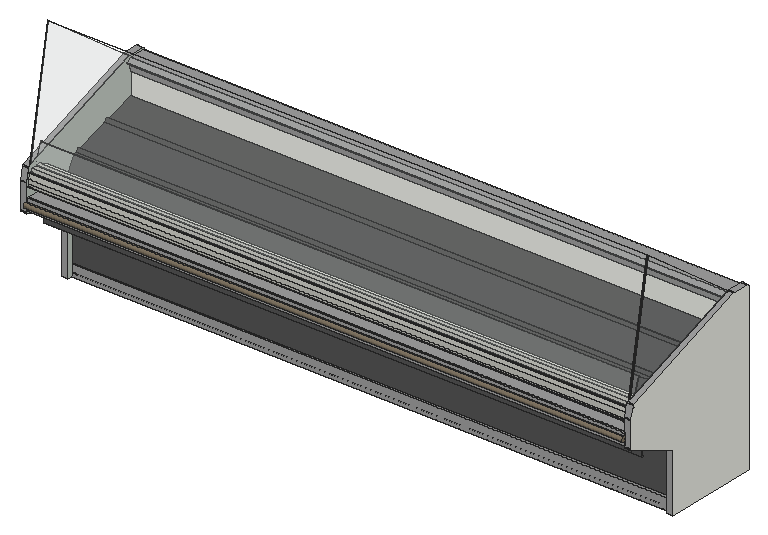
Revit family "DSFN-AG_2014", category Specialty Equipment, Revit 2014
Parameters (values of type "12'-0" Length")
  Width = 144"
  Waste Drain = 1 1/2"  # constant formula
  URL = "www.hussmann.com"
  Type Comments = "Chino"  # constant formula
  Trim = Stainless Steel
  Total Weight = Case Weight + (2 * End Weight)  # 0.00 lbf
  Splashguard = Stainless Steel
  Side Panel - Right [instance] = yes
  Side Panel - Left [instance] = yes
  Shelves = Sheet Metal (Steel Painted) - 701 Black
  Revit Family Date = "09/20/2016"  # constant formula
  Refrigeration Lines Suction = 5/8"  # constant formula
  Refrigeration Lines Liquid = 3/8"  # constant formula
  Refrig. Suction = "Suction"
  Refrig. Liquid = "Liquid"
  Number of Supports = if(Width < 50", 2, if(Width < 100", 3, 4))  # 4
  Note from Manufacturer = "This model only comes in 2'-0\", 3'-0\", 4'-0\", 5'-0\", 6'-0\", 8'-0\", 10'-0\", and 12'-0\" lengths."
  Model URL = "http://www.hussmann.com/en/product%20viewer/display-cases/DSFN"
  Model = "DSFN with Angled Glass"  # constant formula
  Manufacturer Disclaimer = "The information in this file is not intended to be an exact representation of the corresponding Hussmann product.  Further, we reserve the right to change or revise specifications and product design in connection with any feature of our products. Such changes do not entitle the buyer to corresponding changes, improvements, additions, or replacements for equipment previously sold or shipped."  # constant formula
  Manufacturer = "Hussmann Corporation"  # constant formula
  Light [instance] = yes
  Height = 58 3/8"  # constant formula
  Glazing = Glass
  Ends = Textured Sheet Metal (Steel Painted) - 149 White Satin Matte
  End Weight = 0.00 lbf  # constant formula
  Drain from Side = 5"  # constant formula
  Drain from Centerline = if(or(Width > 61", Width = 48"), 6", if(Width = 60", 12", 1/64"))  # 6"
  Door Frame = Plastic - 144 Mist Gray
  Description = "Narrow Footprint Service Merchandiser for Fresh Seafood Applications"  # constant formula
  Depth = 34 7/8"  # constant formula
  Cutsheet URL = "http://www.hussmann.com/en/Technical%20Documents/DSFN_ds_En.pdf"
  Close Off Panel = Textured Sheet Metal (Steel Painted) - 701 Black
  Case Weight = if(Width = 24", 0.00 lbf, if(Width = 36", 0.00 lbf, if(Width = 48", 0.00 lbf, if(Width = 60", 0.00 lbf, if(Width = 72", 0.00 lbf, if(Width = 96", 0.00 lbf, if(Width = 120", 0.00 lbf, if(Width = 144", 0.00 lbf, 0.00 lbf))))))))  # 0.00 lbf
  Case Interior - Side Panel = Mirror
  Case Interior - Back Panel = Mirror
  Case = Textured Sheet Metal (Steel Painted) - 149 White Satin Matte
  Bumper = Extruded PVC - 747 Chocolate Brown
  Assembly Code = ""
  Accessories/Options = ""
Types (8): name | Width | Number of Supports | Drain from Centerline
  12'-0" Length | 144" | 4 | 6"
  10'-0" Length | 120" | 4 | 6"
  8'-0" Length | 96" | 3 | 6"
  6'-0" Length | 72" | 3 | 6"
  5'-0" Length | 60" | 3 | 12"
  4'-0" Length | 48" | 2 | 6"
  3'-0" Length | 36" | 2 | 1/64"
  2'-0" Length | 24" | 2 | 1/64"
Reference planes (in)
  plane 1 "Back": y = 0
  plane 2 "Bottom": z = 0
  plane 3 "Left": x = -77.30699
  plane 4 "Front": y = -34.875
  plane 5 "Center (Left/Right)": x = -5.30699
  plane 6: x = -78.80699
  plane 7 "Right": x = 66.69301
  plane 8: x = 68.19301
Forms (in)
  Extrusion 1, solid, material "Metal - Copper"
    sketch origin (57.40105, 5, -0.375) x (1, 0, 0) y (0, 1, 0)
      loop
        circle (5.22946, -14.125) r 0.28859
      loop
        circle (5.22946, -14.125) r 0.3125
    from 17.96165 to 0.375
  Extrusion 2, solid, material "Metal - Copper"
    sketch origin (59.82608, 5, -0.375) x (1, 0, 0) y (0, 1, 0)
      loop
        circle (3.30443, -14.125) r 0.17188
      loop
        circle (3.30443, -14.125) r 0.1875
    from 17.96165 to 0.375
  Extrusion 3, solid, material "Metal - Copper"
    sketch origin (-56.6875, 1.04319, 0) x (1, 0, 0) y (0, 1, 0)
      loop
        arc (-15.61949, -5.54319) -> (-16.14982, -5.76286) -> (-16.36949, -6.29319) r 0.75
        arc (-16.36949, -6.29319) -> (-16.14982, -6.82352) -> (-15.61949, -7.04319) r 0.75
        arc (-15.61949, -7.04319) -> (-15.08916, -6.82352) -> (-14.86949, -6.29319) r 0.75
        arc (-14.86949, -6.29319) -> (-15.08916, -5.76286) -> (-15.61949, -5.54319) r 0.75
      loop
        circle (-15.61949, -6.29319) r 0.7102
    from 17.58665 to 0
  Extrusion 4, solid, material "Metal - Copper"
    sketch origin (9.1875, 1.04319, 0) x (1, 0, 0) y (0, 1, 0)
      loop
        arc (-8.49449, -5.54319) -> (-9.02482, -5.76286) -> (-9.24449, -6.29319) r 0.75
        arc (-9.24449, -6.29319) -> (-9.02482, -6.82352) -> (-8.49449, -7.04319) r 0.75
        arc (-8.49449, -7.04319) -> (-7.96416, -6.82352) -> (-7.74449, -6.29319) r 0.75
        arc (-7.74449, -6.29319) -> (-7.96416, -5.76286) -> (-8.49449, -5.54319) r 0.75
      loop
        circle (-8.49449, -6.29319) r 0.7102
    from 17.58665 to 0
  Extrusion 5, solid, material "Textured Sheet Metal (Steel Painted) - 149 White Satin Matte" <- "Case"
    sketch origin (-77.30699, 0, 0) x (0, 1, 0) y (0, 0, 1)
      loop
        line (-21.21942, 14.75877) -> (-21.21942, 0.83962) -> (-2.10346, 0.83962) -> (-2.10346, 14.62462) -> (0, 14.62462) -> (0, 39.71447) -> (-3.90855, 39.71447) -> (-3.90855, 37.71447) -> (-3.74953, 37.12102) -> (-3.6691, 37.12102) -> (-3.6691, 27.41256) -> (-7.64232, 26.27325) -> (-15.78577, 19.85719) -> (-15.78577, 17.5583) -> (-21.48302, 17.74647) -> (-29.41726, 21.11436) -> (-29.41726, 27.46876) -> (-29.4277, 27.34944) -> (-29.4277, 28.15965) -> (-31.23608, 28.51182) -> (-31.23608, 23.01712) -> (-34.556, 23.01712) -> (-34.806, 22.76712) -> (-34.806, 20.39212) -> (-34.49075, 20.39212) -> (-21.21942, 14.75877)
    from 0 to 144 <- "Width"
  Extrusion 6, solid, material "Stainless Steel" <- "Trim"
    sketch origin (-77.30699, 0, 0) x (0, 1, 0) y (0, 0, 1)
      loop
        line (-32.43066, 19.29991) -> (-32.36201, 19.48852) -> (-34.49075, 20.39212) -> (-34.806, 20.39212) -> (-34.806, 22.76712) -> (-34.556, 23.01712) -> (-31.23608, 23.01712) -> (-31.23608, 24.23914) -> (-31.3002, 24.23914) -> (-31.3002, 23.06512) -> (-34.702, 23.06512)
        arc (-34.702, 23.06512) -> (-34.82433, 23.01445) -> (-34.875, 22.89212) r 0.173
        line (-34.875, 22.89212) -> (-34.875, 20.18958) -> (-32.43066, 19.29991)
    from 0 to 144 <- "Width"
  Extrusion 7, solid, material "Extruded PVC - 747 Chocolate Brown" <- "Bumper"
    sketch origin (-77.30699, 0, 0) x (0, 1, 0) y (0, 0, 1)
      loop
        arc (-35.3233, 22.20131) -> (-35.82553, 21.63881) -> (-35.3233, 21.07631) r 0.56612
        line (-35.3233, 21.07631) -> (-34.875, 21.07631) -> (-34.875, 21.44631) -> (-35.26053, 21.44631) -> (-35.26053, 21.56751)
        arc (-35.26053, 21.56751) -> (-35.22735, 21.63881) -> (-35.26053, 21.7101) r 0.09318
        line (-35.26053, 21.7101) -> (-35.26053, 21.83131) -> (-34.875, 21.83131) -> (-34.875, 22.20131) -> (-35.3233, 22.20131)
    from 0 to 144 <- "Width"
  Extrusion 8, solid, material "Stainless Steel" <- "Trim"
    sketch origin (-77.30699, 0, 0) x (0, 1, 0) y (0, 0, 1)
      loop
        line (-21.36929, 2.78974) -> (-21.36961, 0) -> (-20.83461, 0) -> (-20.83461, 0.035) -> (-21.33461, 0.035) -> (-21.33461, 2.785) -> (-21.29227, 3.09462) -> (-21.32696, 3.09929) -> (-21.36929, 2.78974)
      loop
        line (-1.91944, 0.48261) -> (-1.91944, 2.85914) -> (-1.94136, 3.10971) -> (-1.97623, 3.10666) -> (-1.95444, 2.85761) -> (-1.95444, 0.46987) -> (-1.61667, 0.06733) -> (-1.23482, 0) -> (-1.22874, 0.03447) -> (-1.59804, 0.09959) -> (-1.91944, 0.48261)
    from 0 to 144 <- "Width"
  Extrusion 9, solid, material "Textured Sheet Metal (Steel Painted) - 701 Black" <- "Close Off Panel"
    sketch origin (-77.30699, 0, 0) x (0, 1, 0) y (0, 0, 1)
      loop
        line (-21.29227, 0.75286) -> (-21.21942, 0.75286) -> (-21.21942, 14.75877) -> (-21.29227, 14.7897) -> (-21.29227, 0.75286)
      loop
        line (-1.97846, 0.83962) -> (-1.97846, 14.58962) -> (-2.10346, 14.58962) -> (-2.10346, 0.83962) -> (-1.97846, 0.83962)
    from 0 to 144 <- "Width"
  Extrusion 10, solid, material "Glass" <- "Glazing"
    sketch origin (-77.30699, 0, 0) x (0, 1, 0) y (0, 0, 1)
      loop
        line (-28.20201, 58.30213) -> (-28.44782, 58.34769) -> (-34.27991, 26.88362) -> (-34.25468, 26.84691) -> (-34.07081, 26.81283) -> (-34.0341, 26.83806) -> (-28.20201, 58.30213)
      loop
        line (-32.30756, 28.12011) -> (-30.53872, 33.25717) -> (-30.56313, 33.30722) -> (-30.71203, 33.35849) -> (-30.76207, 33.33408) -> (-32.53091, 28.19701) -> (-32.5065, 28.14697) -> (-32.3576, 28.0957) -> (-32.30756, 28.12011)
    from 0 to 144 <- "Width"
  Extrusion 11, solid, material "Plastic - 144 Mist Gray" <- "Door Frame"
    sketch origin (-77.30699, -1, 0) x (0, 1, 0) y (0, 0, 1)
      loop
        arc (-30.23608, 28.87709) -> (-30.65982, 28.95475) -> (-31.07277, 28.83204) r 0.92486
        line (-31.07277, 28.83204) -> (-31.29549, 28.18522) -> (-31.34553, 28.16082) -> (-31.49443, 28.21209) -> (-31.51884, 28.26213) -> (-31.31649, 28.84979) -> (-32.66121, 28.84979) -> (-33.02776, 26.87225) -> (-33.27372, 26.91706) -> (-33.02169, 28.27671) -> (-33.1212, 28.14936) -> (-33.21269, 28.08871)
        arc (-33.21269, 28.08871) -> (-33.21528, 28.07024) -> (-33.19663, 28.06992) r 0.01245
        line (-33.19663, 28.06992) -> (-33.15341, 28.0623) -> (-33.18337, 28.0514) -> (-33.55249, 27.01633) -> (-33.67702, 25.93044) -> (-33.67702, 25.30649)
        arc (-33.67702, 25.30649) -> (-33.66549, 25.27865) -> (-33.63765, 25.26712) r 0.03937
        line (-33.63765, 25.26712) -> (-33.5786, 25.26712)
        arc (-33.5786, 25.26712) -> (-33.55076, 25.27865) -> (-33.53923, 25.30649) r 0.03937
        line (-33.53923, 25.30649) -> (-33.53923, 25.40491) -> (-33.59828, 25.46397) -> (-33.59828, 25.95609) -> (-33.53923, 26.05384) -> (-32.95261, 26.05384) -> (-32.95261, 24.70609)
        arc (-32.95261, 24.70609) -> (-32.9034, 24.65688) -> (-32.85419, 24.70609) r 0.04921
        line (-32.85419, 24.70609) -> (-32.85419, 25.1883) -> (-32.09443, 25.1883) -> (-32.09443, 25.05058) -> (-31.16128, 25.05058) -> (-31.16128, 24.57814) -> (-30.94474, 24.57814) -> (-30.94474, 24.4994) -> (-30.37387, 24.4994) -> (-30.37387, 24.3616) -> (-30.23608, 24.3616) -> (-30.23608, 28.87709)
    from 0 to 144 <- "Width"
  Extrusion 12, solid, material "Sheet Metal (Steel Painted) - 701 Black" <- "Shelves"
    sketch origin (-77.30699, 0, 0) x (0, 1, 0) y (0, 0, 1)
      loop
        line (-29.41726, 23.84277) -> (-26.05839, 23.84277) -> (-23.06898, 22.11683) -> (-3.6691, 27.96641) -> (-3.6691, 31.45015) -> (-10.38034, 29.52573) -> (-11.24118, 30.0029) -> (-11.67036, 29.22864) -> (-18.96124, 26.85127) -> (-19.75714, 27.29245) -> (-20.19832, 26.49654) -> (-20.85604, 26.30794) -> (-23.0035, 22.58844) -> (-26.0421, 24.34277) -> (-29.41726, 24.34277) -> (-29.41726, 23.84277)
    from 0 to 144 <- "Width"
  Extrusion 13, solid, material "Stainless Steel" <- "Trim"
    sketch origin (-77.30699, 0, 0) x (0, 1, 0) y (0, 0, 1)
      loop
        arc (-20.27344, 0.0785) -> (-20.25045, 0.02299) -> (-20.19494, 0) r 0.0785
        line (-20.19494, 0) -> (-18.50744, 0)
        arc (-18.50744, 0) -> (-18.45193, 0.02299) -> (-18.42894, 0.0785) r 0.0785
        line (-18.42894, 0.0785) -> (-18.42894, 0.766) -> (-17.67894, 0.766) -> (-17.67894, 0.83962) -> (-18.45619, 0.83962)
        arc (-18.45619, 0.83962) -> (-18.49336, 0.81085) -> (-18.50744, 0.766) r 0.0785
        line (-18.50744, 0.766) -> (-18.50744, 0.0785) -> (-20.19494, 0.0785) -> (-20.19494, 0.766)
        arc (-20.19494, 0.766) -> (-20.20901, 0.81085) -> (-20.24619, 0.83962) r 0.0785
        line (-20.24619, 0.83962) -> (-21.08594, 0.83962) -> (-21.08594, 1.657) -> (-21.16444, 1.657) -> (-21.16444, 0.8445)
        arc (-21.16444, 0.8445) -> (-21.14145, 0.78899) -> (-21.08594, 0.766) r 0.0785
        line (-21.08594, 0.766) -> (-20.27344, 0.766) -> (-20.27344, 0.0785)
      loop
        arc (-4.71994, 0.766) -> (-4.69873, 0.75721) -> (-4.68994, 0.736) r 0.03
        line (-4.68994, 0.736) -> (-4.68994, 0.0785)
        arc (-4.68994, 0.0785) -> (-4.66695, 0.02299) -> (-4.61144, 0) r 0.0785
        line (-4.61144, 0) -> (-2.92394, 0)
        arc (-2.92394, 0) -> (-2.86843, 0.02299) -> (-2.84544, 0.0785) r 0.0785
        line (-2.84544, 0.0785) -> (-2.84544, 0.736)
        arc (-2.84544, 0.736) -> (-2.83665, 0.75721) -> (-2.81544, 0.766) r 0.03
        line (-2.81544, 0.766) -> (-2.03294, 0.766) -> (-2.03294, 0.8445) -> (-2.84544, 0.8445)
        arc (-2.84544, 0.8445) -> (-2.90095, 0.82151) -> (-2.92394, 0.766) r 0.0785
        line (-2.92394, 0.766) -> (-2.92394, 0.1085)
        arc (-2.92394, 0.1085) -> (-2.93273, 0.08729) -> (-2.95394, 0.0785) r 0.03
        line (-2.95394, 0.0785) -> (-4.58144, 0.0785)
        arc (-4.58144, 0.0785) -> (-4.60265, 0.08729) -> (-4.61144, 0.1085) r 0.03
        line (-4.61144, 0.1085) -> (-4.61144, 0.736)
        arc (-4.61144, 0.736) -> (-4.64322, 0.81272) -> (-4.71994, 0.8445) r 0.1085
        line (-4.71994, 0.8445) -> (-5.42274, 0.8445) -> (-5.42274, 0.766) -> (-4.71994, 0.766)
    from 0 to 144 <- "Width"
  Extrusion 14, solid, material "Stainless Steel" <- "Trim"
    sketch origin (-77.30699, 0, -2.80286) x (0, 1, 0) y (0, 0, 1)
      loop
        line (-3.6691, 39.52827) -> (-3.6691, 39.92387) -> (-3.74953, 39.92387) -> (-3.90855, 40.51732) -> (-3.90855, 42.51732) -> (0, 42.51732) -> (0, 41.32812) -> (0.0625, 41.32812) -> (0.0625, 42.56512) -> (-3.987, 42.56512) -> (-4.92495, 41.62717) -> (-4.67501, 41.30726) -> (-4.64743, 41.32881) -> (-4.78055, 41.49919) -> (-4.34034, 41.43732) -> (-3.87598, 39.47921) -> (-3.6691, 39.52827)
    from 0 to 144 <- "Width"
  Extrusion 15, solid, material "Textured Sheet Metal (Steel Painted) - 701 Black" <- "Close Off Panel", visible <- "Light"
    sketch origin (-77.30699, 0, 0) x (0, 1, 0) y (0, 0, 1)
      loop
        line (-29.827, 18.41248) -> (-29.875, 18.43285) -> (-29.875, 15.42844) -> (-29.49603, 15.42844) -> (-29.49603, 15.59617) -> (-29.5429, 15.59617) -> (-29.5429, 15.47532) -> (-29.827, 15.47532) -> (-29.827, 18.41248)
    from 0 to 144 <- "Width"
  Extrusion 16, solid, material "Textured Sheet Metal (Steel Painted) - 149 White Satin Matte" <- "Ends", visible <- "Side Panel - Left"
    sketch origin (-77.30699, 0, 0) x (0, 1, 0) y (0, 0, 1)
      loop
        line (-22.44039, 0.10413) -> (0.25, 0.10413) -> (0.25, 39.76509)
        arc (0.25, 39.76509) -> (0.17678, 39.94187) -> (0, 40.01509) r 0.25
        line (0, 40.01509) -> (-3.88589, 40.01509)
        arc (-3.88589, 40.01509) -> (-3.92856, 40.01142) -> (-3.96998, 40.00053) r 0.25
        line (-3.96998, 40.00053) -> (-34.13094, 29.22818)
        arc (-34.13094, 29.22818) -> (-34.23355, 29.15902) -> (-34.29042, 29.04912) r 0.25
        line (-34.29042, 29.04912) -> (-34.95295, 26.20479)
        arc (-34.95295, 26.20479) -> (-34.95784, 26.17662) -> (-34.95947, 26.14807) r 0.25
        line (-34.95947, 26.14807) -> (-34.95947, 19.83686)
        arc (-34.95947, 19.83686) -> (-34.91794, 19.69888) -> (-34.80715, 19.60674) r 0.25
        line (-34.80715, 19.60674) -> (-22.66886, 14.45434) -> (-22.44039, 14.10915) -> (-22.44039, 0.10413)
    from -1.5 to 0
  Extrusion 17, solid, material "Glass" <- "Glazing", visible <- "Side Panel - Left"
    sketch origin (-77.30699, 0, 0) x (0, 1, 0) y (0, 0, 1)
      loop
        line (-28.20201, 58.30213) -> (-33.5528, 29.43467) -> (-3.96998, 40.00053) -> (-28.20201, 58.30213)
    from -0.25 to 0
  Extrusion 18, solid, material "Glass" <- "Glazing", visible <- "Side Panel - Right"
    sketch origin (-77.30699, 0, 0) x (0, 1, 0) y (0, 0, 1)
      loop
        line (-28.20201, 58.30213) -> (-33.5528, 29.43467) -> (-3.96998, 40.00053) -> (-28.20201, 58.30213)
    from 144 to 144.25
  Extrusion 19, solid, material "Textured Sheet Metal (Steel Painted) - 149 White Satin Matte" <- "Ends", visible <- "Side Panel - Right"
    sketch origin (-77.30699, 0, 0) x (0, 1, 0) y (0, 0, 1)
      loop
        line (-22.44039, 0.10413) -> (0.25, 0.10413) -> (0.25, 39.76509)
        arc (0.25, 39.76509) -> (0.17678, 39.94187) -> (0, 40.01509) r 0.25
        line (0, 40.01509) -> (-3.88589, 40.01509)
        arc (-3.88589, 40.01509) -> (-3.92856, 40.01142) -> (-3.96998, 40.00053) r 0.25
        line (-3.96998, 40.00053) -> (-34.13094, 29.22818)
        arc (-34.13094, 29.22818) -> (-34.23355, 29.15902) -> (-34.29042, 29.04912) r 0.25
        line (-34.29042, 29.04912) -> (-34.95295, 26.20479)
        arc (-34.95295, 26.20479) -> (-34.95784, 26.17662) -> (-34.95947, 26.14807) r 0.25
        line (-34.95947, 26.14807) -> (-34.95947, 19.83686)
        arc (-34.95947, 19.83686) -> (-34.91794, 19.69888) -> (-34.80715, 19.60674) r 0.25
        line (-34.80715, 19.60674) -> (-22.66886, 14.45434) -> (-22.44039, 14.10915) -> (-22.44039, 0.10413)
    from 145.5 to 144
Lines and regions (in)
  reference lines
    curve 1: line (-72.30699, -34.875, 0) -> (-72.30699, 0, 0)
    curve 2: line (62.94301, -34.875, 0) -> (62.94301, 0, 0)
    curve 3: line (-77.30699, -5.25, 0) -> (66.69301, -5.25, 0)
    curve 4: line (66.69301, -9.125, 0) -> (-77.30699, -9.125, 0)
    curve 5: line (0.69301, -34.875, 0) -> (0.69301, 0, 0)
Dimensions and locks (in)
  equal spacing: plane 3 "Left", plane 5 "Center (Left/Right)", plane 7 "Right"
  locked: plane 6 to plane 3 "Left" at 1.5
  "Width": plane 3 "Left" to plane 7 "Right"
  "Drain from Side": plane 3 "Left" to curve 1
  "Depth": plane 4 "Front" to plane 1 "Back"
  locked: curve 2 to plane 7 "Right" at 3.75
  plane 1 "Back" to curve 4 = 9 1/8"
  locked: plane 7 "Right" to plane 8 at 1.5
  locked: Extrusion 3 sketch curve to Extrusion 3 sketch curve at 0.0398
  locked: Extrusion 2 sketch curve to Extrusion 2 sketch curve at 0.01562
  locked: Extrusion 1 sketch curve to Extrusion 1 sketch curve at 0.02391
  "Drain from Centerline": plane 5 "Center (Left/Right)" to curve 5
  locked: Extrusion 4 sketch curve to Extrusion 4 sketch curve at 0.0398
  locked: curve 3 to plane 1 "Back" at 5.25
  nested 1 to plane 1 "Back" = 27 3/4"
  locked: plane 3 "Left" to Extrusion 17 at 0.25
  locked: Extrusion 18 to plane 7 "Right" at 0.25
  "Waste Drain": diameter of Extrusion 3 sketch curve
  "Refrigeration Lines Liquid": diameter of Extrusion 2 sketch curve
  "Refrigeration Lines Suction": diameter of Extrusion 1 sketch curve
  "Waste Drain": diameter of Extrusion 4 sketch curve
  aligned and locked: plane 4 "Front" to curve 1
  aligned and locked: plane 3 "Left" to curve 3
  aligned and locked: plane 3 "Left" to curve 4
  aligned and locked: plane 7 "Right" to curve 4
  aligned and locked: plane 7 "Right" to curve 3
  aligned and locked: curve 4 to Extrusion 2 sketch curve  (x4)
  aligned and locked: curve 4 to Extrusion 1 sketch curve  (x4)
  aligned and locked: curve 3 to Extrusion 3 sketch curve
  aligned and locked: curve 1 to Extrusion 3 sketch curve
  aligned and locked: curve 2 to Extrusion 2 sketch curve
  aligned and locked: curve 2 to Extrusion 1 sketch curve
  aligned and locked: curve 5 to Extrusion 4 sketch curve  (x2)
  aligned and locked: curve 3 to Extrusion 4 sketch curve  (x2)
  aligned and locked: plane 3 "Left" to nested 1
  aligned and locked: plane 6 to Extrusion 16
  aligned and locked: plane 3 "Left" to Extrusion 16
  aligned and locked: plane 3 "Left" to Extrusion 17
  aligned and locked: Extrusion 18 to plane 7 "Right"
  aligned and locked: plane 8 to Extrusion 19
  aligned and locked: Extrusion 19 to plane 7 "Right"
Automatic sketch dimensions
  Extrusion 5 sketch curve to plane 1 "Back" = 0"
  plane 1 "Back" to Extrusion 5 sketch curve = 2.10346"
  plane 1 "Back" to Extrusion 5 sketch curve = 3.6691"
  Extrusion 5 sketch curve to Extrusion 5 sketch curve = 0.08043"
  Extrusion 5 sketch curve to Extrusion 5 sketch curve = 0.15901"
  Extrusion 5 sketch curve to Extrusion 5 sketch curve = 3.97322"
  Extrusion 5 sketch curve to Extrusion 5 sketch curve = 8.14345"
  level to Extrusion 5 sketch curve = 0.83962"
  plane 4 "Front" to Extrusion 5 sketch curve = 13.65558"
  Extrusion 5 sketch curve to Extrusion 5 sketch curve = 0.2636"
  plane 4 "Front" to Extrusion 5 sketch curve = 5.45774"
  Extrusion 5 sketch curve to Extrusion 5 sketch curve = 0.01044"
  Extrusion 5 sketch curve to Extrusion 5 sketch curve = 1.81881"
  plane 4 "Front" to Extrusion 5 sketch curve = 0.38425"
  plane 4 "Front" to Extrusion 5 sketch curve = 0.319"
  plane 4 "Front" to Extrusion 5 sketch curve = 0.069"
  Extrusion 5 sketch curve to Extrusion 5 sketch curve = 13.785"
  Extrusion 5 sketch curve to Extrusion 5 sketch curve = 13.91915"
  Extrusion 5 sketch curve to Extrusion 5 sketch curve = 2.79953"
  Extrusion 5 sketch curve to Extrusion 5 sketch curve = 2.98769"
  Extrusion 5 sketch curve to Extrusion 5 sketch curve = 2.29889"
  Extrusion 5 sketch curve to Extrusion 5 sketch curve = 2.64565"
  Extrusion 5 sketch curve to Extrusion 5 sketch curve = 0.72224"
  Extrusion 5 sketch curve to Extrusion 5 sketch curve = 2 3/8"
  Extrusion 5 sketch curve to Extrusion 5 sketch curve = 1/4"
  Extrusion 5 sketch curve to Extrusion 5 sketch curve = 6.41606"
  Extrusion 5 sketch curve to Extrusion 5 sketch curve = 4.33232"
  Extrusion 5 sketch curve to Extrusion 5 sketch curve = 1.1393"
  Extrusion 5 sketch curve to Extrusion 5 sketch curve = 0.11932"
  Extrusion 5 sketch curve to Extrusion 5 sketch curve = 0.6909"
  Extrusion 5 sketch curve to Extrusion 5 sketch curve = 0.35216"
  Extrusion 5 sketch curve to Extrusion 5 sketch curve = 9.70846"
  Extrusion 5 sketch curve to Extrusion 5 sketch curve = 0.59345"
  Extrusion 5 sketch curve to Extrusion 5 sketch curve = 2"
  Extrusion 6 sketch curve to plane 4 "Front" = 0"
  plane 4 "Front" to Extrusion 6 sketch curve = 0.069"
  Extrusion 6 sketch curve to Extrusion 6 sketch curve = 0.104"
  Extrusion 6 sketch curve to Extrusion 6 sketch curve = 0.146"
  Extrusion 6 sketch curve to Extrusion 6 sketch curve = 0.31525"
  Extrusion 6 sketch curve to Extrusion 6 sketch curve = 2.06009"
  Extrusion 6 sketch curve to Extrusion 6 sketch curve = 0.06865"
  Extrusion 6 sketch curve to Extrusion 6 sketch curve = 3.2558"
  Extrusion 6 sketch curve to Extrusion 6 sketch curve = 0.06412"
  level to Extrusion 6 sketch curve = 19.29991"
  Extrusion 6 sketch curve to Extrusion 6 sketch curve = 0.18861"
  Extrusion 6 sketch curve to Extrusion 6 sketch curve = 0.20254"
  Extrusion 6 sketch curve to Extrusion 6 sketch curve = 2 3/8"
  Extrusion 6 sketch curve to Extrusion 6 sketch curve = 1/8"
  Extrusion 6 sketch curve to Extrusion 6 sketch curve = 0.048"
  Extrusion 6 sketch curve to Extrusion 6 sketch curve = 1.17402"
  Extrusion 7 sketch curve to plane 4 "Front" = 0"  (x2)
  Extrusion 7 sketch curve to plane 4 "Front" = 0.38441"
  Extrusion 7 sketch curve to Extrusion 7 sketch curve = 0.00112"  (x2)
  Extrusion 7 sketch curve to Extrusion 7 sketch curve = 0.06112"
  Extrusion 7 sketch curve to Extrusion 7 sketch curve = 0.06277"  (x2)
  level to Extrusion 7 sketch curve = 21.07631"
  Extrusion 7 sketch curve to Extrusion 7 sketch curve = 0.37"
  Extrusion 7 sketch curve to Extrusion 7 sketch curve = 0.1212"  (x2)
  Extrusion 7 sketch curve to Extrusion 7 sketch curve = 0.0713"
  Extrusion 7 sketch curve to Extrusion 7 sketch curve = 0"
  Extrusion 8 sketch curve to level = 0"  (x2)
  plane 4 "Front" to Extrusion 8 sketch curve = 13.50539"
  level to Extrusion 8 sketch curve = 2.78974"
  Extrusion 8 sketch curve to Extrusion 8 sketch curve = 0.00033"
  level to Extrusion 8 sketch curve = 2.785"
  Extrusion 8 sketch curve to Extrusion 8 sketch curve = 0.03468"
  level to Extrusion 8 sketch curve = 3.09929"
  Extrusion 8 sketch curve to Extrusion 8 sketch curve = 0.04233"
  level to Extrusion 8 sketch curve = 3.09462"
  Extrusion 8 sketch curve to Extrusion 8 sketch curve = 0.03469"
  Extrusion 8 sketch curve to Extrusion 8 sketch curve = 1/2"
  plane 1 "Back" to Extrusion 8 sketch curve = 1.97623"
  Extrusion 8 sketch curve to Extrusion 8 sketch curve = 0.02179"
  Extrusion 8 sketch curve to Extrusion 8 sketch curve = 0.03487"
  Extrusion 8 sketch curve to Extrusion 8 sketch curve = 0.035"
  level to Extrusion 8 sketch curve = 0.06733"
  Extrusion 8 sketch curve to Extrusion 8 sketch curve = 0.30277"
  level to Extrusion 8 sketch curve = 0.09959"
  Extrusion 8 sketch curve to Extrusion 8 sketch curve = 0.01862"
  Extrusion 8 sketch curve to Extrusion 8 sketch curve = 0.36323"
  level to Extrusion 8 sketch curve = 0.035"
  level to Extrusion 8 sketch curve = 0.46987"
  Extrusion 8 sketch curve to Extrusion 8 sketch curve = 0.01274"
  Extrusion 8 sketch curve to Extrusion 8 sketch curve = 2 3/8"
  Extrusion 8 sketch curve to Extrusion 8 sketch curve = 0.00153"
  plane 4 "Front" to Extrusion 9 sketch curve = 13.58273"
  Extrusion 9 sketch curve to Extrusion 9 sketch curve = 0.07285"
  plane 1 "Back" to Extrusion 9 sketch curve = 2.10346"
  Extrusion 9 sketch curve to Extrusion 9 sketch curve = 1/8"
  level to Extrusion 9 sketch curve = 0.75286"
  level to Extrusion 9 sketch curve = 0.83962"
  Extrusion 9 sketch curve to Extrusion 9 sketch curve = 13 3/4"
  Extrusion 9 sketch curve to Extrusion 9 sketch curve = 14.00591"
  Extrusion 9 sketch curve to Extrusion 9 sketch curve = 0.03092"
  plane 4 "Front" to Extrusion 10 sketch curve = 0.59509"
  Extrusion 10 sketch curve to Extrusion 10 sketch curve = 0.02523"  (x2)
  Extrusion 10 sketch curve to Extrusion 10 sketch curve = 0.18388"
  Extrusion 10 sketch curve to Extrusion 10 sketch curve = 0.03671"  (x2)
  Extrusion 10 sketch curve to Extrusion 10 sketch curve = 1.50319"
  Extrusion 10 sketch curve to Extrusion 10 sketch curve = 0.02441"  (x4)
  Extrusion 10 sketch curve to Extrusion 10 sketch curve = 0.1489"  (x2)
  Extrusion 10 sketch curve to Extrusion 10 sketch curve = 0.05004"  (x4)
  plane 4 "Front" to Extrusion 10 sketch curve = 4.11293"
  plane 4 "Front" to Extrusion 10 sketch curve = 6.42718"
  Extrusion 10 sketch curve to Extrusion 10 sketch curve = 0.24581"
  level to Extrusion 10 sketch curve = 26.81283"
  Extrusion 10 sketch curve to Extrusion 10 sketch curve = 0.03408"
  Extrusion 10 sketch curve to Extrusion 10 sketch curve = 1.25764"
  Extrusion 10 sketch curve to Extrusion 10 sketch curve = 0.05127"
  Extrusion 10 sketch curve to Extrusion 10 sketch curve = 5.13707"
  Extrusion 10 sketch curve to Extrusion 10 sketch curve = 0.02686"
  plane 4 "Front" to Extrusion 11 sketch curve = 0.19798"
  Extrusion 11 sketch curve to Extrusion 11 sketch curve = 0.03937"  (x2)
  Extrusion 11 sketch curve to Extrusion 11 sketch curve = 0.05906"  (x4)
  plane 4 "Front" to Extrusion 11 sketch curve = 0.32251"
  Extrusion 11 sketch curve to Extrusion 11 sketch curve = 0.27877"
  plane 4 "Front" to Extrusion 11 sketch curve = 0.66231"
  Extrusion 11 sketch curve to Extrusion 11 sketch curve = 0.00688"
  Extrusion 11 sketch curve to Extrusion 11 sketch curve = 0.00919"
  Extrusion 11 sketch curve to Extrusion 11 sketch curve = 0.01325"
  Extrusion 11 sketch curve to Extrusion 11 sketch curve = 0.02996"
  Extrusion 11 sketch curve to Extrusion 11 sketch curve = 0.03222"
  Extrusion 11 sketch curve to Extrusion 11 sketch curve = 0.24595"
  Extrusion 11 sketch curve to Extrusion 11 sketch curve = 0.0995"
  Extrusion 11 sketch curve to Extrusion 11 sketch curve = 0.58661"
  Extrusion 11 sketch curve to Extrusion 11 sketch curve = 0.04921"
  Extrusion 11 sketch curve to Extrusion 11 sketch curve = 0.36048"
  Extrusion 11 sketch curve to Extrusion 11 sketch curve = 0.75975"
  Extrusion 11 sketch curve to Extrusion 11 sketch curve = 1.14237"
  Extrusion 11 sketch curve to Extrusion 11 sketch curve = 0.02441"  (x2)
  Extrusion 11 sketch curve to Extrusion 11 sketch curve = 0.1489"
  Extrusion 11 sketch curve to Extrusion 11 sketch curve = 0.20235"
  Extrusion 11 sketch curve to Extrusion 11 sketch curve = 0.05004"  (x2)
  Extrusion 11 sketch curve to Extrusion 11 sketch curve = 0.93316"
  Extrusion 11 sketch curve to Extrusion 11 sketch curve = 0.24372"
  Extrusion 11 sketch curve to Extrusion 11 sketch curve = 0.21654"
  Extrusion 11 sketch curve to Extrusion 11 sketch curve = 0.68539"
  Extrusion 11 sketch curve to Extrusion 11 sketch curve = 0.57087"
  Extrusion 11 sketch curve to Extrusion 11 sketch curve = 0.1378"  (x2)
  level to Extrusion 11 sketch curve = 24.3616"
  Extrusion 11 sketch curve to Extrusion 11 sketch curve = 0.07874"
  Extrusion 11 sketch curve to Extrusion 11 sketch curve = 0.12795"
  Extrusion 11 sketch curve to Extrusion 11 sketch curve = 0.47244"
  Extrusion 11 sketch curve to Extrusion 11 sketch curve = 0.13772"
  Extrusion 11 sketch curve to Extrusion 11 sketch curve = 0.07881"
  Extrusion 11 sketch curve to Extrusion 11 sketch curve = 0.09843"
  Extrusion 11 sketch curve to Extrusion 11 sketch curve = 0.46648"
  Extrusion 11 sketch curve to Extrusion 11 sketch curve = 0.02565"
  Extrusion 11 sketch curve to Extrusion 11 sketch curve = 0.09774"
  Extrusion 11 sketch curve to Extrusion 11 sketch curve = 0.81841"
  Extrusion 11 sketch curve to Extrusion 11 sketch curve = 0.04481"
  Extrusion 11 sketch curve to Extrusion 11 sketch curve = 0.09927"
  Extrusion 11 sketch curve to Extrusion 11 sketch curve = 1.15899"
  Extrusion 11 sketch curve to Extrusion 11 sketch curve = 1.03507"
  Extrusion 11 sketch curve to Extrusion 11 sketch curve = 0.0109"
  Extrusion 11 sketch curve to Extrusion 11 sketch curve = 0.01852"
  Extrusion 11 sketch curve to Extrusion 11 sketch curve = 0.00841"
  Extrusion 11 sketch curve to Extrusion 11 sketch curve = 0.08705"
  Extrusion 11 sketch curve to Extrusion 11 sketch curve = 0.12958"
  Extrusion 11 sketch curve to Extrusion 11 sketch curve = 0.05127"
  Extrusion 11 sketch curve to Extrusion 11 sketch curve = 0.12736"
  Extrusion 11 sketch curve to Extrusion 11 sketch curve = 0.64682"
  Extrusion 11 sketch curve to Extrusion 11 sketch curve = 0.01775"
  plane 4 "Front" to Extrusion 12 sketch curve = 5.45774"
  Extrusion 12 sketch curve to Extrusion 12 sketch curve = 3.35888"
  Extrusion 12 sketch curve to Extrusion 12 sketch curve = 0.01629"
  Extrusion 12 sketch curve to Extrusion 12 sketch curve = 2.98941"
  Extrusion 12 sketch curve to Extrusion 12 sketch curve = 0.06548"
  Extrusion 12 sketch curve to Extrusion 12 sketch curve = 2.14746"
  Extrusion 12 sketch curve to Extrusion 12 sketch curve = 0.65772"
  Extrusion 12 sketch curve to Extrusion 12 sketch curve = 0.44118"
  Extrusion 12 sketch curve to Extrusion 12 sketch curve = 0.7959"
  Extrusion 12 sketch curve to Extrusion 12 sketch curve = 7.29088"
  Extrusion 12 sketch curve to Extrusion 12 sketch curve = 0.42918"
  Extrusion 12 sketch curve to Extrusion 12 sketch curve = 0.86084"
  plane 1 "Back" to Extrusion 12 sketch curve = 3.6691"
  level to Extrusion 12 sketch curve = 22.11683"
  Extrusion 12 sketch curve to Extrusion 12 sketch curve = 0.4716"
  Extrusion 12 sketch curve to Extrusion 12 sketch curve = 1.25433"
  Extrusion 12 sketch curve to Extrusion 12 sketch curve = 1/2"
  Extrusion 12 sketch curve to Extrusion 12 sketch curve = 0.1886"
  Extrusion 12 sketch curve to Extrusion 12 sketch curve = 0.35473"
  Extrusion 12 sketch curve to Extrusion 12 sketch curve = 1.11514"
  Extrusion 12 sketch curve to Extrusion 12 sketch curve = 2.37737"
  Extrusion 12 sketch curve to Extrusion 12 sketch curve = 0.29709"
  Extrusion 12 sketch curve to Extrusion 12 sketch curve = 3.48374"
  Extrusion 13 sketch curve to Extrusion 13 sketch curve = 0"  (x9)
  Extrusion 13 sketch curve to level = 0"  (x2)
  level to Extrusion 13 sketch curve = 0.8445"  (x2)
  plane 4 "Front" to Extrusion 13 sketch curve = 13.71056"
  Extrusion 13 sketch curve to Extrusion 13 sketch curve = 0.0785"  (x5)
  level to Extrusion 13 sketch curve = 0.0785"  (x3)
  Extrusion 13 sketch curve to Extrusion 13 sketch curve = 13/16"  (x2)
  Extrusion 13 sketch curve to Extrusion 13 sketch curve = 0.02725"
  Extrusion 13 sketch curve to Extrusion 13 sketch curve = 1 11/16"
  Extrusion 13 sketch curve to Extrusion 13 sketch curve = 0.05125"
  Extrusion 13 sketch curve to Extrusion 13 sketch curve = 3/4"
  plane 1 "Back" to Extrusion 13 sketch curve = 5.42274"
  Extrusion 13 sketch curve to Extrusion 13 sketch curve = 0.7028"
  Extrusion 13 sketch curve to Extrusion 13 sketch curve = 0.03"  (x6)
  level to Extrusion 13 sketch curve = 0.1085"
  Extrusion 13 sketch curve to Extrusion 13 sketch curve = 1.6275"
  Extrusion 13 sketch curve to Extrusion 13 sketch curve = 0.7825"
  Extrusion 13 sketch curve to Extrusion 13 sketch curve = 0.6275"
  Extrusion 13 sketch curve to Extrusion 13 sketch curve = 11/16"
  Extrusion 14 sketch curve to plane 1 "Back" = 0"
  plane 1 "Back" to Extrusion 14 sketch curve = 3.6691"
  Extrusion 14 sketch curve to Extrusion 14 sketch curve = 0.08043"
  Extrusion 14 sketch curve to Extrusion 14 sketch curve = 0.20688"
  Extrusion 14 sketch curve to Extrusion 14 sketch curve = 0.15901"
  Extrusion 14 sketch curve to Extrusion 14 sketch curve = 0.07845"
  Extrusion 14 sketch curve to Extrusion 14 sketch curve = 0.4318"
  Extrusion 14 sketch curve to Extrusion 14 sketch curve = 0.30709"
  Extrusion 14 sketch curve to Extrusion 14 sketch curve = 0.02758"
  Extrusion 14 sketch curve to Extrusion 14 sketch curve = 0.13311"
  Extrusion 14 sketch curve to Extrusion 14 sketch curve = 0.1444"
  Extrusion 14 sketch curve to Extrusion 14 sketch curve = 1/16"
  level to Extrusion 14 sketch curve = 36.67635"
  Extrusion 14 sketch curve to Extrusion 14 sketch curve = 0.04906"
  Extrusion 14 sketch curve to Extrusion 14 sketch curve = 0.39561"
  Extrusion 14 sketch curve to Extrusion 14 sketch curve = 0.59345"
  Extrusion 14 sketch curve to Extrusion 14 sketch curve = 0.78994"
  Extrusion 14 sketch curve to Extrusion 14 sketch curve = 1.40424"
  Extrusion 14 sketch curve to Extrusion 14 sketch curve = 0.02155"
  Extrusion 14 sketch curve to Extrusion 14 sketch curve = 0.10851"
  Extrusion 14 sketch curve to Extrusion 14 sketch curve = 1.08"
  Extrusion 14 sketch curve to Extrusion 14 sketch curve = 0.04779"
  plane 4 "Front" to Extrusion 15 sketch curve = 5"
  Extrusion 15 sketch curve to Extrusion 15 sketch curve = 0.048"
  Extrusion 15 sketch curve to Extrusion 15 sketch curve = 0.2841"
  Extrusion 15 sketch curve to Extrusion 15 sketch curve = 3/64"  (x2)
  level to Extrusion 15 sketch curve = 15.42844"
  Extrusion 15 sketch curve to Extrusion 15 sketch curve = 0.12085"
  Extrusion 15 sketch curve to Extrusion 15 sketch curve = 2.8163"
  Extrusion 15 sketch curve to Extrusion 15 sketch curve = 0.02037"
  plane 4 "Front" to Extrusion 16 sketch curve = 12.20614"
  Extrusion 16 sketch curve to Extrusion 16 sketch curve = 0.22848"
  level to Extrusion 16 sketch curve = 0.10413"
  Extrusion 16 sketch curve to plane 1 "Back" = 1/4"
  Extrusion 16 sketch curve to Extrusion 16 sketch curve = 14.00502"
  plane 4 "Front" to Extrusion 16 sketch curve = 0.06785"
  Extrusion 16 sketch curve to Extrusion 16 sketch curve = 5.1524"
  plane 4 "Front" to Extrusion 16 sketch curve = 0.16553"
  Extrusion 16 sketch curve to Extrusion 16 sketch curve = 0.23013"
  Extrusion 16 sketch curve to Extrusion 16 sketch curve = 6.31121"
  Extrusion 16 sketch curve to Extrusion 16 sketch curve = 25.31075"
  Extrusion 16 sketch curve to plane 1 "Back" = 0"
  plane 1 "Back" to Extrusion 16 sketch curve = 3.88589"
  plane 4 "Front" to Extrusion 16 sketch curve = 0.58458"
  Extrusion 16 sketch curve to Extrusion 16 sketch curve = 0.15948"
  Extrusion 16 sketch curve to Extrusion 16 sketch curve = 0.24356"
  Extrusion 16 sketch curve to Extrusion 16 sketch curve = 2.84468"
  Extrusion 16 sketch curve to Extrusion 16 sketch curve = 0.05637"
  Extrusion 16 sketch curve to Extrusion 16 sketch curve = 0.00652"
  Extrusion 16 sketch curve to Extrusion 16 sketch curve = 0.08409"
  Extrusion 16 sketch curve to Extrusion 16 sketch curve = 0.05671"
  Extrusion 16 sketch curve to Extrusion 16 sketch curve = 0.01457"
  Extrusion 16 sketch curve to Extrusion 16 sketch curve = 0.34519"
  plane 1 "Back" to Extrusion 17 sketch curve = 3.96998"
  level to Extrusion 17 sketch curve = 40.00053"
  plane 4 "Front" to Extrusion 17 sketch curve = 6.67299"
  plane 4 "Front" to Extrusion 17 sketch curve = 1.3222"
  level to Extrusion 17 sketch curve = 29.43467"
  Extrusion 17 sketch curve to Extrusion 17 sketch curve = 28.86746"
  plane 4 "Front" to Extrusion 18 sketch curve = 1.3222"
  plane 4 "Front" to Extrusion 18 sketch curve = 6.67299"
  plane 1 "Back" to Extrusion 18 sketch curve = 3.96998"
  level to Extrusion 18 sketch curve = 29.43467"
  Extrusion 18 sketch curve to Extrusion 18 sketch curve = 10.56585"
  Extrusion 18 sketch curve to Extrusion 18 sketch curve = 28.86746"
  Extrusion 19 sketch curve to plane 1 "Back" = 0"
  plane 1 "Back" to Extrusion 19 sketch curve = 3.88589"
  Extrusion 19 sketch curve to Extrusion 19 sketch curve = 0.08409"  (x2)
  plane 4 "Front" to Extrusion 19 sketch curve = 12.43461"
  Extrusion 19 sketch curve to Extrusion 19 sketch curve = 0.22848"
  plane 4 "Front" to Extrusion 19 sketch curve = 0.82815"
  Extrusion 19 sketch curve to Extrusion 19 sketch curve = 0.15948"
  plane 4 "Front" to Extrusion 19 sketch curve = 0.16553"  (x2)
  plane 4 "Front" to Extrusion 19 sketch curve = 0.06785"
  Extrusion 19 sketch curve to plane 4 "Front" = 0.07795"
  Extrusion 19 sketch curve to plane 4 "Front" = 0.08447"
  Extrusion 19 sketch curve to Extrusion 19 sketch curve = 1/4"  (x2)
  level to Extrusion 19 sketch curve = 0.10413"
  Extrusion 19 sketch curve to Extrusion 19 sketch curve = 14.00502"
  Extrusion 19 sketch curve to Extrusion 19 sketch curve = 0.34519"
  Extrusion 19 sketch curve to Extrusion 19 sketch curve = 5.1524"
  Extrusion 19 sketch curve to Extrusion 19 sketch curve = 6.31121"
  Extrusion 19 sketch curve to Extrusion 19 sketch curve = 2.84468"
  Extrusion 19 sketch curve to Extrusion 19 sketch curve = 0.05637"
  Extrusion 19 sketch curve to Extrusion 19 sketch curve = 25.31075"
  Extrusion 1 sketch curve to Extrusion 1 sketch curve = 0"
  Extrusion 2 sketch curve to Extrusion 2 sketch curve = 0"
  curve 5 to plane 4 "Front" = 0"
  curve 2 to plane 4 "Front" = 0"
  plane 1 "Back" to curve 1 = 0"
  plane 1 "Back" to curve 5 = 0"
  plane 1 "Back" to curve 2 = 0"
  Extrusion 3 sketch curve to Extrusion 3 sketch curve = 0"  (x3)
  Extrusion 4 sketch curve to Extrusion 4 sketch curve = 0"  (x2)
Nested families (in)
  nested 1: "Light" at (-5.30699, -19.14199, -35.57156), visible <- "Light", type "Light"
Connectors (in)
  piping at (62.63051, -9.125, 0), diameter 0.625, driven by "Refrig. Suction", driven by "Refrigeration Lines Suction"
    settings: on Extrusion 1, index 9, connector inside diameter 7/8", connector length 0", flow factor 0, pipe flow 0 GPM, pressure drop 0.00 psi, fitting loss kfactor 0, connector angle 0.00°, fixture units 0, engagement length 0", angle of deflection 0.00°, flow configuration 0, flow direction 2, fitting loss method 0, system type 22, joint type 0, gender type 0, connector reference index -1, connector utility 0, adjustable connector no, is connector primary yes, connector description "Suction"
  piping at (63.13051, -9.125, 0), diameter 0.375, driven by "Refrig. Liquid", driven by "Refrigeration Lines Liquid"
    settings: on Extrusion 2, index 10, connector inside diameter 3/8", connector length 0", flow factor 0, pipe flow 0 GPM, pressure drop 0.00 psi, fitting loss kfactor 0, connector angle 0.00°, fixture units 0, engagement length 0", angle of deflection 0.00°, flow configuration 0, flow direction 1, fitting loss method 0, system type 22, joint type 0, gender type 0, connector reference index -1, connector utility 0, adjustable connector no, is connector primary no, connector description "Liquid"
  piping at (-72.30699, -5.25, 0), diameter 1.5, driven by "Waste Drain"
    settings: on Extrusion 3, index 11, connector inside diameter 1 1/4", connector length 0", flow factor 0, pipe flow 0 GPM, pressure drop 0.00 psi, fitting loss kfactor 0, connector angle 0.00°, fixture units 0, engagement length 0", angle of deflection 0.00°, flow configuration 0, flow direction 0, fitting loss method 0, system type 16, joint type 0, gender type 0, connector reference index -1, connector utility 0, adjustable connector no, is connector primary no, connector description ""
  piping at (0.69301, -5.25, 0), diameter 1.5, driven by "Waste Drain"
    settings: on Extrusion 4, index 12, connector inside diameter 1 1/4", connector length 0", flow factor 0, pipe flow 0 GPM, pressure drop 0.00 psi, fitting loss kfactor 0, connector angle 0.00°, fixture units 0, engagement length 0", angle of deflection 0.00°, flow configuration 0, flow direction 0, fitting loss method 0, system type 16, joint type 0, gender type 0, connector reference index -1, connector utility 0, adjustable connector no, is connector primary no, connector description ""
Definition of nested family "Light"
  Parameters (values of type "Light")
    Wattage = 16.1571 W
    built-in parameter 1150110 = 1 (stored number, unit not read)
    built-in parameter 1114217 = 1 (stored number, unit not read)
    built-in parameter 1150109 = 1 (stored number, unit not read)
    built-in parameter 1150134 = (empty or 0)
    built-in parameter 1150113 = 1 (stored number, unit not read)
    Lumens = 2400 lm
    built-in parameter 1150115 = 1 (stored number, unit not read)
    built-in parameter 1150105 = 763.94 (stored number, unit not read)
    Light Source Symbol Size = 24"
    built-in parameter 1150137 = (empty or 0)
    built-in parameter 1150139 = (empty or 0)
    Lense = none
    Length = 144"
    built-in parameter 1150112 = 1 (stored number, unit not read)
    built-in parameter 1150114 = 1 (stored number, unit not read)
    built-in parameter 1150132 = 2
    built-in parameter 1150102 = (empty or 0)
    built-in parameter 1150138 = (empty or 0)
    built-in parameter 1150107 = 6100 (stored number, unit not read)
    built-in parameter 1150106 = 7.6394 (stored number, unit not read)
    Emit from Line Length = Length  # 144"
    built-in parameter 1150104 = 13.8 (stored number, unit not read)
    Dimming Lamp Color Temperature Shift = (empty or 0)
    Color Filter = 16777215
    Casing = none
    built-in parameter 1114218 = 1 (stored number, unit not read)
    built-in parameter 1150133 = 10 (stored number, unit not read)
  Reference planes (in)
    plane 1 "Light Source Axis (F/B)": y = -8.60801
    plane 2: z = 0
    plane 3 "Light Source Axis (L/R)": x = 0
    plane 4 "Light Source Elevation": z = 52.5
    plane 5: z = 0
    plane 6 "Left": x = -72
    plane 7 "Right": x = 72
  Lines and regions (in)
    model lines
      curve 1: line (-72, -8.60801, 52.5) -> (72, -8.60801, 52.5)
  Dimensions and locks (in)
    equal spacing: plane 7 "Right", plane 3 "Light Source Axis (L/R)", plane 6 "Left"
    "Length": plane 7 "Right" to plane 6 "Left"
    aligned and locked: plane 3 "Light Source Axis (L/R)" to imposter light
    aligned and locked: plane 1 "Light Source Axis (F/B)" to imposter light
    aligned and locked: plane 4 "Light Source Elevation" to imposter light
    aligned and locked: level to plane 5
  Automatic sketch dimensions
    plane 1 "Light Source Axis (F/B)" to curve 1 = 0"
    curve 1 to plane 6 "Left" = 0"
    curve 1 to plane 7 "Right" = 0"
